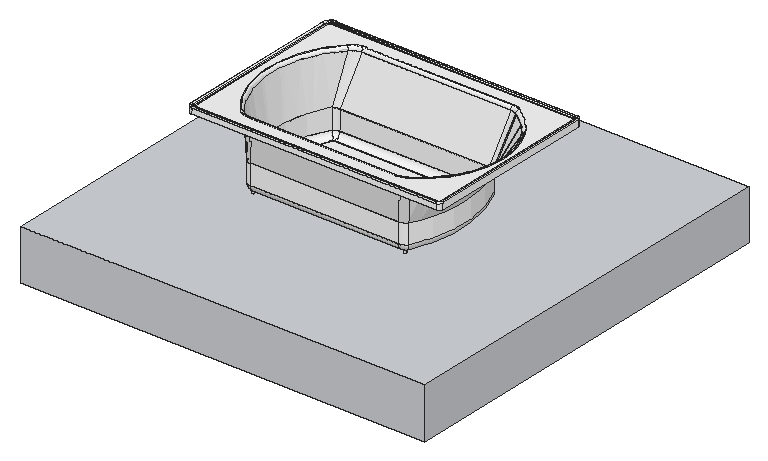
Revit family
Parameters (values of type "Vitreous_China-0-White")
  Width = 5' - 0"
  Waste Connection = yes
  WFU = 0
  URL = "http://www.sterlingplumbing.com"
  Sanitary Radius = 1"
  Sanitary Diameter = Sanitary Radius * 2  # 2"
  Sanitary Connector = "Sanitary Connection"  # constant formula
  Product Page URL = "http://search.sterlingplumbing.com/?q=71281100"
  Product Documentation Link = "http://www.sterlingplumbing.com/onlinecatalog/pdf/1105587_4.pdf"
  Model = "71281100"  # constant formula
  Manufacturer = "Sterling"  # constant formula
  Length = 3' - 6"
  Height = 1' - 8 5/16"
  Finish = Vitreous China-Kohler-0-White
  Description = "Lawson 42inch Drop-In Bath"  # constant formula
  Default Elevation = 0' - 0"
  Created By = "http://medialab3dstudio.com"
  Assembly Code = "D2010510"
Types (4): name | Finish
  (no name) | Vitreous China-Kohler-0-White
  Vitreous_China-0-White | Vitreous China-Kohler-0-White
  Vitreous_China-47-Almond | Vitreous China-Kohler-47-Almond
  Vitreous_China-96-Biscuit | Vitreous China-Kohler-96-Biscuit
Reference planes
  plane 1 "Center (Front/Back)": y = 0
  plane 2 "Bottom": z = 0
  plane 3 "Center (Left/Right)": x = 0
  plane 4: x = -539.778
  plane 5 "Left": x = -762
  plane 6 "Right": x = 762
  plane 7 "Top": z = 515.938
  plane 8: y = 533.4
  plane 9: y = -533.4
Forms (mm)
  Extrusion 1, solid
    sketch origin (0, 0, 0) x (1, 0, 0) y (0, 1, 0)
      loop
        line (-1219.2, 1219.2) -> (-1219.2, -1219.2) -> (1219.2, -1219.2) -> (1219.2, 1219.2) -> (-1219.2, 1219.2)
    from 0 to -304.8
  Sweep 2, solid, material "Vitreous China-Kohler-0-White" <- "Finish", detail levels fine
    path origin (0, 0, 0) x (1, 0, 0) y (0, 1, 0)
      loop
        arc (-748.273, -505.501) -> (-742.436, -515.446) -> (-731.706, -519.673) r 17.669
        line (-731.706, -519.673) -> (740.065, -519.673)
        arc (740.065, -519.673) -> (745.506, -515.686) -> (748.273, -509.534) r 13.226
        line (748.273, -509.534) -> (748.273, 510.272)
        arc (748.273, 510.272) -> (743.903, 517.268) -> (736.119, 519.999) r 12.453
        line (736.119, 519.999) -> (-728.609, 519.672)
        arc (-728.609, 519.672) -> (-746.22, 503.187) -> (-748.273, 479.152) r 33.65
        line (-748.273, 479.152) -> (-748.273, -505.501)
    profile origin (-748.273, -13.174, 0) x (-1, 0, 0) y (0, 0, 1)
      loop
        line (13.727, 476.168) -> (12.817, 511.52)
        arc (12.817, 511.52) -> (11.505, 514.686) -> (8.339, 515.998) r 4.478
        arc (8.339, 515.998) -> (4.696, 514.953) -> (2.16, 512.137) r 6.874
        arc (2.16, 512.137) -> (-0.612, 509.112) -> (-4.585, 508.084) r 7.224
        line (-4.585, 508.084) -> (-7.464, 508.084) -> (-7.464, 476.168) -> (13.727, 476.168)
  Extrusion 3, solid, material "Vitreous China-Kohler-0-White" <- "Finish", detail levels fine
    sketch origin (0, 0, 0) x (1, 0, 0) y (0, 1, 0)
      loop
        arc (-740.489, -509.265) -> (-739.333, -511.052) -> (-737.546, -512.209) r 5.082
        line (-737.546, -512.209) -> (737.593, -512.209)
        arc (737.593, -512.209) -> (739.362, -511.081) -> (740.489, -509.312) r 4.857
        line (740.489, -509.312) -> (740.489, 509.286)
        arc (740.489, 509.286) -> (738.66, 511.643) -> (735.813, 512.535) r 4.989
        line (735.813, 512.535) -> (-737.584, 512.206)
        arc (-737.584, 512.206) -> (-739.356, 511.073) -> (-740.489, 509.301) r 4.896
        line (-740.489, 509.301) -> (-740.489, -509.265)
      loop
        arc (-544.637, -403.273) -> (-511.987, -427.06) -> (-472.478, -435.476) r 96.947
        line (-472.478, -435.476) -> (429.125, -435.476)
        arc (429.125, -435.476) -> (455.763, -429.161) -> (480.478, -417.388) r 129.509
        arc (480.478, -417.388) -> (714.481, 0.784) -> (480.478, 418.956) r 490.645
        arc (480.478, 418.956) -> (456.245, 431.916) -> (429.132, 436.395) r 84.308
        line (429.132, 436.395) -> (-470.013, 436.395)
        arc (-470.013, 436.395) -> (-510.985, 424.728) -> (-544.637, 398.607) r 112.015
        arc (-544.637, 398.607) -> (-695.42, -2.333) -> (-544.637, -403.273) r 608.453
    from 476.168 to 508.084
  Sweep 4, solid, material "Vitreous China-Kohler-0-White" <- "Finish", detail levels fine
    path origin (0, 0, 0) x (1, 0, 0) y (0, 1, 0)
      loop
        arc (480.478, 418.956) -> (456.245, 431.916) -> (429.132, 436.395) r 84.308
        line (429.132, 436.395) -> (-470.013, 436.395)
        arc (-470.013, 436.395) -> (-510.985, 424.728) -> (-544.637, 398.607) r 112.015
        arc (-544.637, 398.607) -> (-695.42, -2.333) -> (-544.637, -403.273) r 608.453
        arc (-544.637, -403.273) -> (-511.987, -427.06) -> (-472.478, -435.476) r 96.947
        line (-472.478, -435.476) -> (429.125, -435.476)
        arc (429.125, -435.476) -> (455.763, -429.161) -> (480.478, -417.388) r 129.509
        arc (480.478, -417.388) -> (714.481, 0.784) -> (480.478, 418.956) r 490.645
    profile origin (714.481, 0.784, 0) x (1, 0, 0) y (0, 0, 1)
      loop
        arc (0, 508.084) -> (-12.224, 500.351) -> (-17.717, 486.97) r 23.815
        line (-17.717, 486.97) -> (-14.53, 486.97)
        arc (-14.53, 486.97) -> (-9.975, 498.088) -> (0, 504.785) r 20.64
        line (0, 504.785) -> (0, 508.084)
  Blend 5, solid, material "Vitreous China-Kohler-0-White" <- "Finish", detail levels fine
    base sketch origin (0, 0, 0) x (1, 0, 0) y (0, 1, 0)
      loop
        arc (-535.929, 338.416) -> (-557.459, 333.54) -> (-576.164, 321.815) r 65.779
        arc (-576.164, 321.815) -> (-659.773, 3.296) -> (-576.427, -315.293) r 649.548
        arc (-576.427, -315.293) -> (-559.175, -332.93) -> (-535.411, -339.558) r 47.59
        line (-535.411, -339.558) -> (359.189, -339.558)
        arc (359.189, -339.558) -> (384.114, -333.317) -> (404.859, -318.157) r 67.027
        arc (404.859, -318.157) -> (480.127, 0.382) -> (404.85, 318.919) r 711.629
        arc (404.85, 318.919) -> (384.186, 333.335) -> (359.508, 338.416) r 62.47
        line (359.508, 338.416) -> (-535.929, 338.416)
    top sketch origin (0, 0, 0) x (1, 0, 0) y (0, 1, 0)
      loop
        line (429.132, 421.865) -> (-469.366, 421.865)
        arc (-469.366, 421.865) -> (-504.69, 411.628) -> (-533.708, 389.033) r 97.485
        arc (-533.708, 389.033) -> (-680.89, -2.289) -> (-533.767, -393.632) r 593.923
        arc (-533.767, -393.632) -> (-506.028, -413.809) -> (-472.478, -420.946) r 82.417
        line (-472.478, -420.946) -> (428.174, -420.946)
        arc (428.174, -420.946) -> (451.357, -415.307) -> (472.878, -405.004) r 114.979
        arc (472.878, -405.004) -> (699.951, 1.179) -> (472.205, 406.984) r 476.115
        arc (472.205, 406.984) -> (451.917, 418.04) -> (429.132, 421.865) r 69.778
    from 194.797 to 486.97
  Extrusion 6, solid, material "Vitreous China-Kohler-0-White" <- "Finish", detail levels fine
    sketch origin (0, 0, 0) x (1, 0, 0) y (0, 1, 0)
      loop
        line (359.508, 335.241) -> (-535.842, 335.241)
        arc (-535.842, 335.241) -> (-556.046, 330.688) -> (-573.659, 319.792) r 62.604
        arc (-573.659, 319.792) -> (-656.598, 3.028) -> (-573.659, -313.737) r 646.373
        arc (-573.659, -313.737) -> (-557.565, -330.193) -> (-535.395, -336.383) r 44.415
        line (-535.395, -336.383) -> (359.105, -336.383)
        arc (359.105, -336.383) -> (382.601, -330.519) -> (402.224, -316.327) r 63.852
        arc (402.224, -316.327) -> (476.952, 0.372) -> (402.224, 317.072) r 708.454
        arc (402.224, 317.072) -> (382.718, 330.51) -> (359.508, 335.241) r 59.295
      loop
        line (359.508, 338.416) -> (-535.929, 338.416)
        arc (-535.929, 338.416) -> (-557.459, 333.54) -> (-576.164, 321.815) r 65.779
        arc (-576.164, 321.815) -> (-659.773, 3.296) -> (-576.427, -315.293) r 649.548
        arc (-576.427, -315.293) -> (-559.175, -332.93) -> (-535.411, -339.558) r 47.59
        line (-535.411, -339.558) -> (359.189, -339.558)
        arc (359.189, -339.558) -> (384.114, -333.317) -> (404.859, -318.157) r 67.027
        arc (404.859, -318.157) -> (480.127, 0.382) -> (404.85, 318.919) r 711.629
        arc (404.85, 318.919) -> (384.186, 333.335) -> (359.508, 338.416) r 62.47
    from 74.782 to 194.797
  Sweep 7, solid, material "Vitreous China-Kohler-0-White" <- "Finish", detail levels fine
    path origin (0, 0, 0) x (1, 0, 0) y (0, 1, 0)
      loop
        arc (-573.659, -313.737) -> (-557.565, -330.193) -> (-535.395, -336.383) r 44.415
        line (-535.395, -336.383) -> (359.105, -336.383)
        arc (359.105, -336.383) -> (382.601, -330.519) -> (402.224, -316.327) r 63.852
        arc (402.224, -316.327) -> (476.952, 0.372) -> (402.224, 317.072) r 708.454
        arc (402.224, 317.072) -> (382.718, 330.51) -> (359.508, 335.241) r 59.295
        line (359.508, 335.241) -> (-535.842, 335.241)
        arc (-535.842, 335.241) -> (-556.046, 330.688) -> (-573.659, 319.792) r 62.604
        arc (-573.659, 319.792) -> (-656.598, 3.028) -> (-573.659, -313.737) r 646.373
    profile origin (-656.598, 3.028, 0) x (-1, 0, 0) y (0, 0, 1)
      loop
        line (-39.015, 35.767) -> (-39.015, 32.592)
        arc (-39.015, 32.592) -> (-9.182, 44.949) -> (3.175, 74.782) r 42.19
        line (3.175, 74.782) -> (0, 74.782)
        arc (0, 74.782) -> (-11.427, 47.194) -> (-39.015, 35.767) r 39.015
  Extrusion 8, solid, material "Vitreous China-Kohler-0-White" <- "Finish", detail levels fine
    sketch origin (0, 0, 0) x (1, 0, 0) y (0, 1, 0)
      loop
        circle (-539.778, 0) r 50.8
      loop
        line (359.508, 296.226) -> (-534.5, 296.226)
        arc (-534.5, 296.226) -> (-539.214, 295.308) -> (-543.644, 293.454) r 23.589
        arc (-543.644, 293.454) -> (-617.569, -1.097) -> (-539.651, -294.617) r 607.358
        arc (-539.651, -294.617) -> (-537.738, -296.591) -> (-535.101, -297.368) r 5.399
        line (-535.101, -297.368) -> (357.812, -297.368)
        arc (357.812, -297.368) -> (364.446, -295.859) -> (370.422, -292.607) r 24.837
        arc (370.422, -292.607) -> (437.937, 0.119) -> (370.643, 292.896) r 669.439
        arc (370.643, 292.896) -> (365.319, 295.376) -> (359.508, 296.226) r 20.28
    from 32.592 to 35.767
  Revolve 9, solid, material "Vitreous China-Kohler-0-White" <- "Finish", detail levels fine
    sketch origin (-0.053, 0, 8.693) x (1, 0, 0) y (0, 0, 1)
      loop
        line (-574.967, 13.995) -> (-571.528, 13.995)
        arc (-571.528, 13.995) -> (-578.617, 23.265) -> (-589.647, 27.077) r 20.229
        line (-589.647, 27.077) -> (-592.591, 27.077) -> (-592.591, 23.899) -> (-589.647, 23.899)
        arc (-589.647, 23.899) -> (-580.921, 21.002) -> (-574.967, 13.995) r 17.054
      axis (-539.725, 13.995) -> (-539.725, 27.077)
    angle from 0 to 360
  Blend 10, solid, material "Vitreous China-Kohler-0-White" <- "Finish", detail levels fine
    base sketch origin (0.445, -50.675, 0) x (1, 0, 0) y (0, 1, 0)
      loop
        circle (-565, -228.6) r 7.577
    top sketch origin (0.445, -50.675, 0) x (1, 0, 0) y (0, 1, 0)
      loop
        circle (-565, -228.6) r 12.7
    from 0 to 32.592
  Blend 11, solid, material "Vitreous China-Kohler-0-White" <- "Finish", detail levels fine
    base sketch origin (914.936, -50.819, 0) x (1, 0, 0) y (0, 1, 0)
      loop
        circle (-565, -228.6) r 7.577
    top sketch origin (914.936, -50.819, 0) x (1, 0, 0) y (0, 1, 0)
      loop
        circle (-565, -228.6) r 12.7
    from 0 to 32.592
  Blend 12, solid, material "Vitreous China-Kohler-0-White" <- "Finish", detail levels fine
    base sketch origin (914.936, 509.045, 0) x (1, 0, 0) y (0, 1, 0)
      loop
        circle (-565, -228.6) r 7.577
    top sketch origin (914.936, 509.045, 0) x (1, 0, 0) y (0, 1, 0)
      loop
        circle (-565, -228.6) r 12.7
    from 0 to 32.592
  Blend 13, solid, material "Vitreous China-Kohler-0-White" <- "Finish", detail levels fine
    base sketch origin (-0.874, 51.95, 0) x (1, 0, 0) y (0, 1, 0)
      loop
        circle (-565, 228.6) r 7.577
    top sketch origin (-0.874, 51.95, 0) x (1, 0, 0) y (0, 1, 0)
      loop
        circle (-565, 228.6) r 12.7
    from 0 to 32.592
  Extrusion 14, solid, material "Vitreous China-Kohler-0-White" <- "Finish", not visible, detail levels fine
    sketch origin (0, 0, 0) x (1, 0, 0) y (0, 1, 0)
      loop
        circle (-546.181, 0) r 25.4
    from 24.659 to 22.688
  Extrusion 15, solid, material "Vitreous China-Kohler-0-White" <- "Finish", detail levels coarse+medium
    sketch origin (0, 0, 0) x (1, 0, 0) y (0, 1, 0)
      loop
        line (-762, 533.4) -> (-762, -533.4) -> (762, -533.4) -> (762, 533.4) -> (-762, 533.4)
    from 0 to 515.938
  Blend 16, void
    base sketch origin (0, 0, 0) x (1, 0, 0) y (0, 1, 0)
      loop
        arc (402.224, 317.072) -> (382.718, 330.51) -> (359.508, 335.241) r 59.295
        line (359.508, 335.241) -> (-535.842, 335.241)
        arc (-535.842, 335.241) -> (-556.046, 330.688) -> (-573.659, 319.792) r 62.604
        arc (-573.659, 319.792) -> (-656.598, 3.028) -> (-573.659, -313.737) r 646.373
        arc (-573.659, -313.737) -> (-557.565, -330.193) -> (-535.395, -336.383) r 44.415
        line (-535.395, -336.383) -> (359.105, -336.383)
        arc (359.105, -336.383) -> (382.601, -330.519) -> (402.224, -316.327) r 63.852
        arc (402.224, -316.327) -> (476.952, 0.372) -> (402.224, 317.072) r 708.454
    top sketch origin (0, 0, 0) x (1, 0, 0) y (0, 1, 0)
      loop
        arc (470.389, 404.373) -> (450.967, 415.009) -> (429.132, 418.69) r 66.603
        line (429.132, 418.69) -> (-469.218, 418.69)
        arc (-469.218, 418.69) -> (-503.312, 408.767) -> (-531.32, 386.94) r 94.31
        arc (-531.32, 386.94) -> (-677.715, -2.278) -> (-531.392, -391.524) r 590.748
        arc (-531.392, -391.524) -> (-504.726, -410.913) -> (-472.478, -417.771) r 79.242
        line (-472.478, -417.771) -> (427.958, -417.771)
        arc (427.958, -417.771) -> (450.391, -412.281) -> (471.217, -402.298) r 111.804
        arc (471.217, -402.298) -> (696.776, 1.27) -> (470.389, 404.373) r 472.94
    from 194.797 to 486.97
Cuts and joins
  joined: Sweep 4, Extrusion 6
  joined: Extrusion 8, Revolve 9
  Blend 16 cuts Blend 5
Lines and regions (mm)
  Masking region 1, detail levels coarse
    outline origin (0, 0, 0) x (1, 0, 0) y (0, 0, 1)
      loop
        line (-762, 515.938) -> (-762, 0) -> (762, 0) -> (762, 515.938) -> (-762, 515.938)
  Masking region 2, detail levels medium+fine
    outline origin (0, 0, 0) x (1, 0, 0) y (0, 0, 1)
      loop
        line (-678.607, 476.108) -> (-667.432, 194.797) -> (-667.432, 74.782)
        arc (-667.432, 74.782) -> (-655.074, 44.949) -> (-625.242, 32.592) r 42.19
        line (-625.242, 32.592) -> (-590.4, 32.592)
        arc (-590.4, 32.592) -> (-581.237, 29.928) -> (-575.02, 22.688) r 16.731
        line (-575.02, 22.688) -> (-569.415, 22.688) -> (-565.849, 0) -> (-550.694, 0) -> (-546.876, 22.688) -> (-504.535, 22.688)
        arc (-504.535, 22.688) -> (-498.709, 29.885) -> (-489.855, 32.592) r 15.832
        line (-489.855, 32.592) -> (365.382, 32.592) -> (370.504, 0) -> (385.659, 0) -> (390.886, 32.592) -> (435.532, 32.592)
        arc (435.532, 32.592) -> (465.365, 44.949) -> (477.722, 74.782) r 42.19
        line (477.722, 74.782) -> (477.722, 194.797) -> (687.901, 476.108) -> (761.681, 476.108) -> (760.77, 511.46)
        arc (760.77, 511.46) -> (759.459, 514.626) -> (756.293, 515.938) r 4.478
        line (756.293, 515.938) -> (-756.293, 515.938)
        arc (-756.293, 515.938) -> (-759.459, 514.626) -> (-760.77, 511.46) r 4.478
        line (-760.77, 511.46) -> (-761.681, 476.108) -> (-678.607, 476.108)
  Masking region 3, detail levels coarse
    outline origin (0, 0, 0) x (0, 1, 0) y (0, 0, 1)
      loop
        line (533.4, 515.937) -> (-533.4, 515.937) -> (-533.4, 0) -> (533.4, 0) -> (533.4, 515.937)
  Masking region 4, detail levels coarse
    outline origin (0, 0, 0) x (1, 0, 0) y (0, 1, 0)
      loop
        line (-762, 533.4) -> (-762, -533.4) -> (762, -533.4) -> (762, 533.4) -> (-762, 533.4)
  Masking region 5, detail levels medium+fine
    outline origin (0, 0, 0) x (1, 0, 0) y (0, 1, 0)
      loop
        line (-762, 477.376) -> (-762, -506.67)
        arc (-762, -506.67) -> (-751.82, -525.476) -> (-731.958, -533.4) r 31.397
        line (-731.958, -533.4) -> (742.197, -533.4)
        arc (742.197, -533.4) -> (755.626, -524.98) -> (762, -510.468) r 26.953
        line (762, -510.468) -> (762, 511.512)
        arc (762, 511.512) -> (753.172, 527.413) -> (736.116, 533.726) r 26.18
        line (736.116, 533.726) -> (-731.056, 533.399)
        arc (-731.056, 533.399) -> (-757.418, 511.402) -> (-762, 477.376) r 47.378
  Masking region 6, detail levels medium+fine
    outline origin (0, 0, 0) x (0, 1, 0) y (0, 0, 1)
      loop
        arc (532.489, 511.511) -> (531.408, 514.428) -> (528.687, 515.937) r 4.478
        line (528.687, 515.937) -> (-528.745, 515.937)
        arc (-528.745, 515.937) -> (-531.428, 514.415) -> (-532.49, 511.52) r 4.478
        line (-532.49, 511.52) -> (-533.4, 476.168) -> (-417.937, 476.168) -> (-339.558, 194.797) -> (-339.558, 74.782)
        arc (-339.558, 74.782) -> (-327.201, 44.949) -> (-297.368, 32.592) r 42.19
        line (-297.368, 32.592) -> (-292.159, 32.592) -> (-286.997, 0) -> (-271.737, 0) -> (-266.575, 32.592) -> (-233.794, 32.592) -> (-228.632, 0) -> (-212.682, 0) -> (-207.52, 32.592) -> (-49.923, 32.592)
        arc (-49.923, 32.592) -> (-41.068, 29.885) -> (-35.242, 22.688) r 15.832
        line (-35.242, 22.688) -> (35.242, 22.688)
        arc (35.242, 22.688) -> (41.068, 29.885) -> (49.923, 32.592) r 15.832
        line (49.923, 32.592) -> (207.507, 32.592) -> (212.669, 0) -> (232.857, 0) -> (238.076, 32.592) -> (267.835, 32.592) -> (272.997, 0) -> (288.292, 0) -> (293.454, 32.592) -> (296.226, 32.592)
        arc (296.226, 32.592) -> (326.059, 44.949) -> (338.416, 74.782) r 42.19
        line (338.416, 74.782) -> (338.416, 194.797) -> (418.78, 476.168) -> (533.399, 476.168) -> (532.489, 511.511)
  symbolic lines, style "Masking Lines", detail levels fine
    curve 1: line (-761.681, 0, 476.108) -> (761.681, 0, 476.108)
    curve 2: line (-625.242, 0, 32.592) -> (435.532, 0, 32.592)
    curve 3: line (-570.972, 0, 32.592) -> (-565.849, 0, 0)
    curve 4: line (-545.572, 0, 32.592) -> (-550.694, 0, 0)
    curve 5: line (0, -239.502, 32.592) -> (0, 238.732, 32.592)
    curve 6: line (0, -406.435, 476.168) -> (0, 406.764, 476.168)
    curve 7: line (-470.013, 436.395, 0) -> (429.132, 436.395, 0)
    curve 8: arc (429.132, 436.395, 0) -> (456.245, 431.916, 0) -> (480.478, 418.956, 0) r 84.308
    curve 9: arc (480.478, 418.956, 0) -> (714.481, 0.784, 0) -> (480.478, -417.388, 0) r 490.645
    curve 10: arc (480.478, -417.388, 0) -> (455.763, -429.161, 0) -> (429.125, -435.476, 0) r 129.509
    curve 11: line (429.125, -435.476, 0) -> (-472.478, -435.476, 0)
    curve 12: arc (-472.478, -435.476, 0) -> (-511.987, -427.06, 0) -> (-544.637, -403.273, 0) r 96.947
    curve 13: arc (-544.637, -403.273, 0) -> (-695.42, -2.333, 0) -> (-544.637, 398.607, 0) r 608.453
    curve 14: arc (-544.637, 398.607, 0) -> (-510.985, 424.728, 0) -> (-470.013, 436.395, 0) r 112.015
    curve 15: arc (-727.679, 515.088, 0) -> (-742.411, 500.511, 0) -> (-743.688, 479.825, 0) r 29.066
    curve 16: line (-743.688, 479.825, 0) -> (-743.688, -505.01, 0)
    curve 17: arc (-743.688, -505.01, 0) -> (-739.329, -512.069, 0) -> (-731.6, -515.088, 0) r 13.085
    curve 18: line (-731.6, -515.088, 0) -> (739.1, -515.088, 0)
    curve 19: arc (739.1, -515.088, 0) -> (742.079, -512.628, 0) -> (743.688, -509.115, 0) r 8.641
    curve 20: line (743.688, -509.115, 0) -> (743.688, 509.705, 0)
    curve 21: arc (743.688, 509.705, 0) -> (740.86, 513.827, 0) -> (736.12, 515.414, 0) r 7.868
    curve 22: line (736.12, 515.414, 0) -> (-727.679, 515.088, 0)
    curve 23: arc (470.389, 404.373, 0) -> (696.776, 1.27, 0) -> (471.217, -402.298, 0) r 472.94
    curve 24: arc (471.217, -402.298, 0) -> (450.391, -412.281, 0) -> (427.958, -417.771, 0) r 111.804
    curve 25: line (427.958, -417.771, 0) -> (-472.478, -417.771, 0)
    curve 26: arc (-472.478, -417.771, 0) -> (-504.726, -410.913, 0) -> (-531.392, -391.524, 0) r 79.242
    curve 27: arc (-531.392, -391.524, 0) -> (-677.715, -2.278, 0) -> (-531.32, 386.94, 0) r 590.748
    curve 28: arc (-531.32, 386.94, 0) -> (-503.312, 408.767, 0) -> (-469.218, 418.69, 0) r 94.31
    curve 29: line (-469.218, 418.69, 0) -> (429.132, 418.69, 0)
    curve 30: arc (429.132, 418.69, 0) -> (450.967, 415.009, 0) -> (470.389, 404.373, 0) r 66.603
    curve 31: arc (359.508, 335.241, 0) -> (382.718, 330.51, 0) -> (402.224, 317.072, 0) r 59.295
    curve 32: arc (402.224, 317.072, 0) -> (476.952, 0.372, 0) -> (402.224, -316.327, 0) r 708.454
    curve 33: arc (402.224, -316.327, 0) -> (382.601, -330.519, 0) -> (359.105, -336.383, 0) r 63.852
    curve 34: line (359.105, -336.383, 0) -> (-535.395, -336.383, 0)
    curve 35: arc (-535.395, -336.383, 0) -> (-557.565, -330.193, 0) -> (-573.659, -313.737, 0) r 44.415
    curve 36: arc (-573.659, -313.737, 0) -> (-656.598, 3.028, 0) -> (-573.659, 319.792, 0) r 646.373
    curve 37: arc (-573.659, 319.792, 0) -> (-556.046, 330.688, 0) -> (-535.842, 335.241, 0) r 62.604
    curve 38: line (-535.842, 335.241, 0) -> (359.508, 335.241, 0)
    curve 39: line (359.508, 296.226, 0) -> (-534.5, 296.226, 0)
    curve 40: arc (370.643, 292.896, 0) -> (365.319, 295.376, 0) -> (359.508, 296.226, 0) r 20.28
    curve 41: arc (370.422, -292.607, 0) -> (437.937, 0.119, 0) -> (370.643, 292.896, 0) r 669.439
    curve 42: arc (357.812, -297.368, 0) -> (364.446, -295.859, 0) -> (370.422, -292.607, 0) r 24.837
    curve 43: line (-535.101, -297.368, 0) -> (357.812, -297.368, 0)
    curve 44: arc (-539.651, -294.617, 0) -> (-537.738, -296.591, 0) -> (-535.101, -297.368, 0) r 5.399
    curve 45: arc (-543.644, 293.454, 0) -> (-617.569, -1.097, 0) -> (-539.651, -294.617, 0) r 607.358
    curve 46: arc (-534.5, 296.226, 0) -> (-539.214, 295.308, 0) -> (-543.644, 293.454, 0) r 23.589
    curve 47: arc (-489.855, 0, 0) -> (-539.778, 49.923, 0) -> (-589.7, 0, 0) r 49.923
    curve 48: arc (-589.7, 0, 0) -> (-539.778, -49.923, 0) -> (-489.855, 0, 0) r 49.923
    curve 49: arc (-571.581, 0, 0) -> (-539.831, -31.75, 0) -> (-508.081, 0, 0) r 31.75
    curve 50: arc (-508.081, 0, 0) -> (-539.831, 31.75, 0) -> (-571.581, 0, 0) r 31.75
    curve 51: line (0, 293.454, 32.592) -> (0, -294.617, 32.592)
    curve 52: line (0, 418.956, 476.168) -> (0, -417.937, 476.168)
Dimensions and locks
  "Width": plane 5 "Left" to plane 6 "Right"
  "Height": plane 7 "Top" to plane 2 "Bottom"
  "Length": plane 8 to plane 9
  equal spacing: plane 8, plane 1 "Center (Front/Back)", plane 9
  "Sanitary Radius": radius of Extrusion 14 sketch curve
  aligned and locked: plane 2 "Bottom" to Extrusion 1
  aligned and locked: level to Extrusion 1
  aligned and locked: Extrusion 15 to plane 9
  aligned and locked: plane 8 to Extrusion 15
  aligned and locked: Extrusion 15 to plane 6 "Right"
  aligned and locked: plane 5 "Left" to Extrusion 15
Automatic sketch dimensions
  curve 3 to level = 0' - 0"
  curve 4 to level = 0' - 0"
  curve 1 to plane 5 "Left" = 0' - 0.01257"
  level to curve 2 = 0' - 1.28315"
  curve 2 to plane 5 "Left" = 0' - 5.38419"
  curve 2 to curve 3 = 0' - 2.1366"
  curve 3 to curve 3 = 0' - 0.20168"
  curve 3 to curve 4 = 0' - 0.59665"
  curve 3 to curve 4 = 0' - 1"
  plane 6 "Right" to curve 2 = 1' - 0.85306"
  plane 6 "Right" to curve 1 = 0' - 0.01257"
  curve 1 to plane 7 "Top" = 0' - 1.56808"
  Extrusion 1 sketch curve to Extrusion 1 sketch curve = 8' - 0"  (x2)
  Sweep 2 sketch curve to plane 5 "Left" = 0' - 0.54044"
  plane 9 to Sweep 2 sketch curve = 0' - 0.54044"
  Sweep 2 sketch curve to Sweep 2 sketch curve = 0' - 0.65224"
  Sweep 2 sketch curve to Sweep 2 sketch curve = 0' - 0.02977"
  Sweep 2 sketch curve to plane 8 = 0' - 0.54046"
  Sweep 2 sketch curve to plane 5 "Left" = 0' - 1.3146"
  Sweep 2 sketch curve to Sweep 2 sketch curve = 0' - 0.49856"
  plane 6 "Right" to Sweep 2 sketch curve = 0' - 1.05408"
  Sweep 2 sketch curve to plane 8 = 0' - 0.52761"
  plane 6 "Right" to Sweep 2 sketch curve = 0' - 1.01893"
  Sweep 2 sketch curve to Sweep 2 sketch curve = 0' - 0.00011"
  Sweep 2 sketch curve to Sweep 2 sketch curve = 0' - 0.19049"
  Sweep 2 sketch curve to Sweep 2 sketch curve = 0' - 0.32314"
  Sweep 2 sketch curve to Sweep 2 sketch curve = 0' - 0.39915"
  Sweep 2 sketch curve to Sweep 2 sketch curve = 0' - 0.55795"
  Sweep 2 sketch curve to Sweep 2 sketch curve = 0' - 1.5953"
  Sweep 2 sketch curve to Sweep 2 sketch curve = 0' - 0.49027"
  profile plane to Sweep 2 sketch curve = 0' - 0.29386"
  Sweep 2 sketch curve to Sweep 2 sketch curve = 0' - 0.11335"
  profile plane to Sweep 2 sketch curve = 0' - 0.17058"
  Sweep 2 sketch curve to profile plane = 0' - 0.08506"
  Sweep 2 sketch curve to Sweep 2 sketch curve = 0' - 0"
  Sweep 2 sketch curve to Sweep 2 sketch curve = 0' - 0.24325"
  Sweep 2 sketch curve to Sweep 2 sketch curve = 0' - 0.17631"
  Sweep 2 sketch curve to profile plane = 0' - 0.54044"
  level to Sweep 2 sketch curve = 1' - 6.74679"
  Sweep 2 sketch curve to Sweep 2 sketch curve = 0' - 1.25653"
  Sweep 2 sketch curve to Sweep 2 sketch curve = 0' - 0.04093"
  Sweep 2 sketch curve to Sweep 2 sketch curve = 0' - 0.09433"
  Extrusion 3 sketch curve to plane 5 "Left" = 0' - 0.84687"
  Extrusion 3 sketch curve to Extrusion 3 sketch curve = 0' - 0.11438"
  Extrusion 3 sketch curve to Extrusion 3 sketch curve = 0' - 0.1159"
  Extrusion 3 sketch curve to Extrusion 3 sketch curve = 0' - 0.06653"
  Extrusion 3 sketch curve to Extrusion 3 sketch curve = 0' - 0.07111"  (x2)
  Extrusion 3 sketch curve to plane 5 "Left" = 0' - 8.55759"  (x2)
  Extrusion 3 sketch curve to Extrusion 3 sketch curve = 0' - 0"  (x2)
  Extrusion 3 sketch curve to Extrusion 3 sketch curve = 0' - 2.84092"
  Extrusion 3 sketch curve to Extrusion 3 sketch curve = 0' - 2.93795"
  Extrusion 3 sketch curve to Extrusion 3 sketch curve = 0' - 0.37923"
  plane 1 "Center (Front/Back)" to Extrusion 3 sketch curve = 0' - 0.09185"
  Extrusion 3 sketch curve to plane 3 "Center (Left/Right)" = 0' - 3.4239"
  Extrusion 3 sketch curve to plane 1 "Center (Front/Back)" = 0' - 0.03087"
  plane 3 "Center (Left/Right)" to Extrusion 3 sketch curve = 0' - 8.81245"
  plane 9 to Extrusion 3 sketch curve = 0' - 8.91305"
  Extrusion 3 sketch curve to Extrusion 3 sketch curve = 0' - 7.43698"
  Extrusion 3 sketch curve to Extrusion 3 sketch curve = 0' - 0.64523"
  plane 6 "Right" to Extrusion 3 sketch curve = 1' - 1.10503"
  Extrusion 3 sketch curve to Extrusion 3 sketch curve = 0' - 2.02178"
  Extrusion 3 sketch curve to Extrusion 3 sketch curve = 0' - 2.02148"
  plane 6 "Right" to Extrusion 3 sketch curve = 0' - 1.03099"
  Extrusion 3 sketch curve to Extrusion 3 sketch curve = 0' - 0.00004"
  plane 6 "Right" to Extrusion 3 sketch curve = 0' - 1.0265"
  Extrusion 3 sketch curve to Extrusion 3 sketch curve = 0' - 0.0656"
  Extrusion 3 sketch curve to Extrusion 3 sketch curve = 0' - 0.11403"
  plane 9 to Extrusion 3 sketch curve = 0' - 1.0213"
  plane 9 to Extrusion 3 sketch curve = 0' - 1.01393"
  Extrusion 3 sketch curve to Extrusion 3 sketch curve = 0' - 1.26784"
  Extrusion 3 sketch curve to plane 8 = 0' - 1.01789"
  Extrusion 3 sketch curve to plane 8 = 0' - 1.01531"
  Extrusion 3 sketch curve to Extrusion 3 sketch curve = 0' - 0.06853"
  Extrusion 3 sketch curve to Extrusion 3 sketch curve = 0' - 0.06655"
  Sweep 4 sketch curve to plane 8 = 0' - 5.3068"
  Sweep 4 sketch curve to plane 5 "Left" = 0' - 8.55759"  (x2)
  plane 9 to Sweep 4 sketch curve = 0' - 5.12309"
  Sweep 4 sketch curve to Sweep 4 sketch curve = 0' - 0"  (x4)
  Sweep 4 sketch curve to Sweep 4 sketch curve = 0' - 2.84092"
  Sweep 4 sketch curve to Sweep 4 sketch curve = 0' - 2.93795"
  Sweep 4 sketch curve to Sweep 4 sketch curve = 0' - 0.37923"
  Sweep 4 sketch curve to plane 3 "Center (Left/Right)" = 0' - 3.4239"
  Sweep 4 sketch curve to plane 1 "Center (Front/Back)" = 0' - 0.03087"
  plane 3 "Center (Left/Right)" to Sweep 4 sketch curve = 0' - 8.81245"
  plane 9 to Sweep 4 sketch curve = 0' - 8.91305"
  Sweep 4 sketch curve to Sweep 4 sketch curve = 0' - 7.43698"
  Sweep 4 sketch curve to Sweep 4 sketch curve = 0' - 0.64523"
  plane 6 "Right" to Sweep 4 sketch curve = 1' - 1.10503"
  Sweep 4 sketch curve to Sweep 4 sketch curve = 0' - 2.02178"
  Sweep 4 sketch curve to Sweep 4 sketch curve = 0' - 2.02148"
  profile plane to Sweep 4 sketch curve = 0' - 0"
  profile plane to Sweep 4 sketch curve = 0' - 0.57205"
  Sweep 4 sketch curve to Sweep 4 sketch curve = 0' - 0.12548"
  Sweep 4 sketch curve to profile plane = 0' - 0.23701"
  level to Sweep 4 sketch curve = 1' - 7.09616"
  Sweep 4 sketch curve to Sweep 4 sketch curve = 0' - 0.07588"
  Blend 5 sketch curve to plane 5 "Left" = 0' - 7.30602"
  Blend 5 sketch curve to Blend 5 sketch curve = 0' - 0"  (x3)
  Blend 5 sketch curve to plane 5 "Left" = 0' - 7.31637"
  Blend 5 sketch curve to Blend 5 sketch curve = 0' - 1.58408"
  Blend 5 sketch curve to Blend 5 sketch curve = 0' - 1.61482"
  Blend 5 sketch curve to Blend 5 sketch curve = 0' - 1.6332"
  Blend 5 sketch curve to Blend 5 sketch curve = 0' - 0.14008"
  Blend 5 sketch curve to plane 1 "Center (Front/Back)" = 0' - 0.01466"
  Blend 5 sketch curve to plane 3 "Center (Left/Right)" = 0' - 9.11424"
  Blend 5 sketch curve to plane 1 "Center (Front/Back)" = 0' - 0.1192"
  Blend 5 sketch curve to plane 3 "Center (Left/Right)" = 0' - 0.40257"
  plane 3 "Center (Left/Right)" to Blend 5 sketch curve = 1' - 2.00284"
  Blend 5 sketch curve to Blend 5 sketch curve = 0' - 0.13847"
  Blend 5 sketch curve to plane 8 = 0' - 10.13598"
  plane 3 "Center (Left/Right)" to Blend 5 sketch curve = 1' - 2.15387"
  Blend 5 sketch curve to Blend 5 sketch curve = 0' - 1.78511"
  Blend 5 sketch curve to Blend 5 sketch curve = 0' - 1.79802"
  plane 9 to Blend 5 sketch curve = 0' - 10.26681"
  plane 1 "Center (Front/Back)" to Blend 5 sketch curve = 0' - 11.49491"
  Blend 5 sketch curve to plane 5 "Left" = 0' - 8.98557"
  Blend 5 sketch curve to plane 5 "Left" = 0' - 8.98788"
  Blend 5 sketch curve to Blend 5 sketch curve = 0' - 2.41294"
  Blend 5 sketch curve to Blend 5 sketch curve = 0' - 2.53316"
  Blend 5 sketch curve to Blend 5 sketch curve = 0' - 0.35373"
  plane 1 "Center (Front/Back)" to Blend 5 sketch curve = 0' - 0.09185"
  Blend 5 sketch curve to plane 3 "Center (Left/Right)" = 0' - 3.4239"
  Blend 5 sketch curve to plane 1 "Center (Front/Back)" = 0' - 0.03087"
  plane 3 "Center (Left/Right)" to Blend 5 sketch curve = 0' - 8.81245"
  plane 9 to Blend 5 sketch curve = 0' - 8.91305"
  Blend 5 sketch curve to Blend 5 sketch curve = 0' - 7.43698"
  Blend 5 sketch curve to Blend 5 sketch curve = 0' - 0.60781"
  Blend 5 sketch curve to plane 8 = 0' - 4.39115"
  plane 6 "Right" to Blend 5 sketch curve = 1' - 1.10503"
  Blend 5 sketch curve to Blend 5 sketch curve = 0' - 1.69576"
  Blend 5 sketch curve to Blend 5 sketch curve = 0' - 1.75999"
  Sweep 7 sketch curve to Sweep 7 sketch curve = 0' - 0"  (x3)
  Sweep 7 sketch curve to profile plane = 0' - 0"
  profile plane to Sweep 7 sketch curve = 0' - 1.53603"
  Sweep 7 sketch curve to Sweep 7 sketch curve = 0' - 0 1/8"
  level to Sweep 7 sketch curve = 0' - 1.28315"
  Revolve 9 sketch curve to Revolve 9 sketch curve = 0' - 0"  (x2)
  level to Revolve 9 sketch curve = 0' - 1.28315"
  Revolve 9 sketch curve to plane 5 "Left" = 0' - 6.66754"
  Revolve 9 sketch curve to Revolve 9 sketch curve = 0' - 0.08396"
  Revolve 9 sketch curve to Revolve 9 sketch curve = 0' - 0.11591"  (x2)
  Revolve 9 sketch curve to Revolve 9 sketch curve = 0' - 0.60991"
  Revolve 9 sketch curve to Revolve 9 sketch curve = 0' - 0.13539"
  level to Revolve 9 sketch curve = 0' - 0.50324"
  Revolve 9 sketch curve to Revolve 9 sketch curve = 0' - 1.25211"
  level to Revolve 9 sketch curve = 0' - 0.61249"
  Revolve 9 sketch curve to Revolve 9 sketch curve = 0' - 1.15798"
  Blend 10 sketch curve to plane 5 "Left" = 0' - 7.77339"  (x2)
  plane 1 "Center (Front/Back)" to Blend 10 sketch curve = 0' - 10.99507"  (x2)
  plane 3 "Center (Left/Right)" to Blend 11 sketch curve = 1' - 1.77699"  (x2)
  plane 1 "Center (Front/Back)" to Blend 11 sketch curve = 0' - 11.00076"  (x2)
  plane 3 "Center (Left/Right)" to Blend 12 sketch curve = 1' - 1.77699"  (x2)
  Blend 12 sketch curve to plane 1 "Center (Front/Back)" = 0' - 11.04113"  (x2)
  plane 5 "Left" to Blend 13 sketch curve = 0' - 7.72148"  (x2)
  plane 1 "Center (Front/Back)" to Blend 13 sketch curve = 0' - 11.0453"  (x2)
  plane 1 "Center (Front/Back)" to Extrusion 14 sketch curve = 0' - 0"
  Extrusion 14 sketch curve to plane 5 "Left" = 0' - 7.4968"
  Masking region 1 sketch curve to level = 0' - 0"
  plane 5 "Left" to Masking region 1 sketch curve = 0' - 0"
  plane 6 "Right" to Masking region 1 sketch curve = 0' - 0"
  Masking region 1 sketch curve to plane 7 "Top" = 0' - 0"
  Masking region 2 sketch curve to plane 7 "Top" = 0' - 0"
  Masking region 2 sketch curve to level = 0' - 0"  (x2)
  Masking region 2 sketch curve to plane 5 "Left" = 0' - 0.01257"
  Masking region 2 sketch curve to plane 5 "Left" = 0' - 0.04841"
  Masking region 2 sketch curve to plane 5 "Left" = 0' - 0.2247"
  Masking region 2 sketch curve to plane 7 "Top" = 0' - 1.56808"
  Masking region 2 sketch curve to Masking region 2 sketch curve = 0' - 3.27063"
  Masking region 2 sketch curve to plane 5 "Left" = 0' - 3.72316"
  Masking region 2 sketch curve to Masking region 2 sketch curve = 0' - 1.66103"  (x2)
  Masking region 2 sketch curve to Masking region 2 sketch curve = 0' - 1.37171"
  Masking region 2 sketch curve to Masking region 2 sketch curve = 0' - 0.00414"
  Masking region 2 sketch curve to Masking region 2 sketch curve = 0' - 0.60137"
  level to Masking region 2 sketch curve = 0' - 0.89324"
  Masking region 2 sketch curve to Masking region 2 sketch curve = 0' - 0.22066"
  Masking region 2 sketch curve to Masking region 2 sketch curve = 0' - 0.14039"
  Masking region 2 sketch curve to Masking region 2 sketch curve = 0' - 0.59665"  (x2)
  Masking region 2 sketch curve to Masking region 2 sketch curve = 0' - 0.88737"
  Masking region 2 sketch curve to Masking region 2 sketch curve = 0' - 1.66697"
  Masking region 2 sketch curve to Masking region 2 sketch curve = 0' - 0.57796"
  level to Masking region 2 sketch curve = 0' - 1.28315"  (x2)
  plane 3 "Center (Left/Right)" to Masking region 2 sketch curve = 1' - 2.3851"
  Masking region 2 sketch curve to Masking region 2 sketch curve = 0' - 0.20168"
  Masking region 2 sketch curve to Masking region 2 sketch curve = 0' - 1.00412"
  Masking region 2 sketch curve to Masking region 2 sketch curve = 0' - 1.75772"
  plane 6 "Right" to Masking region 2 sketch curve = 0' - 2.91727"
  plane 6 "Right" to Masking region 2 sketch curve = 0' - 0.2247"
  plane 6 "Right" to Masking region 2 sketch curve = 0' - 0.04841"
  plane 6 "Right" to Masking region 2 sketch curve = 0' - 0.01257"
  level to Masking region 2 sketch curve = 0' - 0.62446"
  Masking region 2 sketch curve to Masking region 2 sketch curve = 0' - 0.62331"
  Masking region 2 sketch curve to Masking region 2 sketch curve = 0' - 4.72501"  (x2)
  Masking region 2 sketch curve to Masking region 2 sketch curve = 0' - 1.39179"
  Masking region 3 sketch curve to plane 7 "Top" = 0' - 0"
  Masking region 3 sketch curve to level = 0' - 0"
  plane 9 to Masking region 3 sketch curve = 0' - 0"
  Masking region 3 sketch curve to plane 8 = 0' - 0"
  Extrusion 15 sketch curve to plane 5 "Left" = 0' - 0"
  Extrusion 15 sketch curve to plane 6 "Right" = 0' - 0"
  Extrusion 15 sketch curve to plane 9 = 0' - 0"
  Extrusion 15 sketch curve to plane 8 = 0' - 0"
  Blend 16 sketch curve to Blend 16 sketch curve = 0' - 0"  (x3)
  plane 9 to Blend 16 sketch curve = 0' - 5.58566"
  Blend 16 sketch curve to plane 5 "Left" = 0' - 9.07906"
  Blend 16 sketch curve to plane 8 = 0' - 5.76613"
  Blend 16 sketch curve to plane 5 "Left" = 0' - 9.08191"
  Blend 16 sketch curve to Blend 16 sketch curve = 0' - 2.31945"
  Blend 16 sketch curve to Blend 16 sketch curve = 0' - 2.44495"
  Blend 16 sketch curve to Blend 16 sketch curve = 0' - 0.34791"
  plane 1 "Center (Front/Back)" to Blend 16 sketch curve = 0' - 0.09185"
  Blend 16 sketch curve to plane 1 "Center (Front/Back)" = 0' - 0.03087"
  plane 3 "Center (Left/Right)" to Blend 16 sketch curve = 0' - 8.81245"
  plane 9 to Blend 16 sketch curve = 0' - 8.91305"
  Blend 16 sketch curve to Blend 16 sketch curve = 0' - 7.43698"
  Blend 16 sketch curve to Blend 16 sketch curve = 0' - 0.59932"
  plane 6 "Right" to Blend 16 sketch curve = 1' - 1.10503"
  Blend 16 sketch curve to Blend 16 sketch curve = 0' - 1.62427"
  Blend 16 sketch curve to Blend 16 sketch curve = 0' - 1.70309"
  Blend 16 sketch curve to plane 5 "Left" = 0' - 7.41498"  (x2)
  Blend 16 sketch curve to Blend 16 sketch curve = 0' - 1.48889"
  Blend 16 sketch curve to Blend 16 sketch curve = 0' - 1.50649"
  Blend 16 sketch curve to Blend 16 sketch curve = 0' - 1.52423"
  Blend 16 sketch curve to Blend 16 sketch curve = 0' - 0.13665"
  Blend 16 sketch curve to plane 1 "Center (Front/Back)" = 0' - 0.01466"
  Blend 16 sketch curve to plane 3 "Center (Left/Right)" = 0' - 9.11424"
  Blend 16 sketch curve to plane 1 "Center (Front/Back)" = 0' - 0.1192"
  Blend 16 sketch curve to plane 3 "Center (Left/Right)" = 0' - 0.40257"
  plane 3 "Center (Left/Right)" to Blend 16 sketch curve = 1' - 2.00284"
  Blend 16 sketch curve to Blend 16 sketch curve = 0' - 0.13514"
  Blend 16 sketch curve to plane 8 = 0' - 10.13598"
  plane 3 "Center (Left/Right)" to Blend 16 sketch curve = 1' - 2.15387"
  Blend 16 sketch curve to Blend 16 sketch curve = 0' - 1.68173"
  Blend 16 sketch curve to Blend 16 sketch curve = 0' - 1.69761"
  plane 1 "Center (Front/Back)" to Blend 16 sketch curve = 0' - 10.73319"
  plane 1 "Center (Front/Back)" to Blend 16 sketch curve = 0' - 11.49491"
  Extrusion 6 sketch curve to Extrusion 6 sketch curve = 0' - 0"  (x23)
  Extrusion 6 sketch curve to Extrusion 6 sketch curve = 0' - 1.48889"
  Extrusion 6 sketch curve to Extrusion 6 sketch curve = 0' - 1.50649"
  Extrusion 6 sketch curve to plane 1 "Center (Front/Back)" = 0' - 0.01466"
  Extrusion 6 sketch curve to plane 1 "Center (Front/Back)" = 0' - 0.1192"
  Extrusion 6 sketch curve to plane 3 "Center (Left/Right)" = 0' - 0.40257"
  Extrusion 6 sketch curve to Extrusion 6 sketch curve = 0' - 0.10896"
  Extrusion 6 sketch curve to Extrusion 6 sketch curve = 0' - 0.09861"
  Extrusion 6 sketch curve to Extrusion 6 sketch curve = 0' - 0.00342"
  Extrusion 6 sketch curve to Extrusion 6 sketch curve = 0' - 0.00062"
  Extrusion 6 sketch curve to Extrusion 6 sketch curve = 0' - 0.00332"
  Extrusion 6 sketch curve to Extrusion 6 sketch curve = 0' - 0.10338"
  Extrusion 6 sketch curve to Extrusion 6 sketch curve = 0' - 0.13514"
  Extrusion 6 sketch curve to Extrusion 6 sketch curve = 0' - 0.10373"
  Extrusion 6 sketch curve to Extrusion 6 sketch curve = 0' - 8.71166"
  Extrusion 6 sketch curve to plane 5 "Left" = 0' - 9.04053"
  Extrusion 6 sketch curve to plane 5 "Left" = 0' - 8.93922"
  Extrusion 6 sketch curve to Extrusion 6 sketch curve = 0' - 0.01775"
  Extrusion 6 sketch curve to Extrusion 6 sketch curve = 0' - 0.13665"
  plane 3 "Center (Left/Right)" to Extrusion 6 sketch curve = 1' - 2.00284"
  Extrusion 6 sketch curve to plane 8 = 0' - 10.13598"
  plane 3 "Center (Left/Right)" to Extrusion 6 sketch curve = 1' - 2.15387"
  Extrusion 6 sketch curve to Extrusion 6 sketch curve = 0' - 1.69761"
  Extrusion 6 sketch curve to Extrusion 6 sketch curve = 0' - 1.68173"
  plane 1 "Center (Front/Back)" to Extrusion 6 sketch curve = 0' - 10.73319"
  Sweep 7 sketch curve to plane 5 "Left" = 0' - 7.41498"  (x2)
  Sweep 7 sketch curve to Sweep 7 sketch curve = 0' - 1.48889"
  Sweep 7 sketch curve to Sweep 7 sketch curve = 0' - 1.62555"
  Sweep 7 sketch curve to plane 1 "Center (Front/Back)" = 0' - 0.1192"
  Sweep 7 sketch curve to plane 3 "Center (Left/Right)" = 0' - 0.40257"
  plane 9 to Sweep 7 sketch curve = 0' - 8.64816"
  Sweep 7 sketch curve to Sweep 7 sketch curve = 0' - 1.8527"
  plane 3 "Center (Left/Right)" to Sweep 7 sketch curve = 1' - 2.15387"
  Sweep 7 sketch curve to Sweep 7 sketch curve = 0' - 1.68173"
  Sweep 7 sketch curve to Sweep 7 sketch curve = 0' - 2.33447"
  Sweep 7 sketch curve to plane 1 "Center (Front/Back)" = 0' - 0.01466"
  Sweep 7 sketch curve to Sweep 7 sketch curve = 0' - 8.71166"
  plane 9 to Sweep 7 sketch curve = 0' - 8.54618"
  Sweep 7 sketch curve to Sweep 7 sketch curve = 0' - 1.83276"
  Sweep 7 sketch curve to Sweep 7 sketch curve = 0' - 1.69761"
  Sweep 7 sketch curve to Sweep 7 sketch curve = 0' - 0.78961"
  Sweep 7 sketch curve to Sweep 7 sketch curve = 0' - 1.50649"
  plane 1 "Center (Front/Back)" to Extrusion 8 sketch curve = 0' - 0"
  Extrusion 8 sketch curve to plane 4 = 0' - 0"
  Extrusion 8 sketch curve to plane 4 = 0' - 0.20779"
  plane 3 "Center (Left/Right)" to Extrusion 8 sketch curve = 1' - 2.15387"
  Extrusion 8 sketch curve to plane 8 = 0' - 9.33755"
  Extrusion 8 sketch curve to Extrusion 8 sketch curve = 0' - 0.43836"
  Extrusion 8 sketch curve to Extrusion 8 sketch curve = 0' - 0.79844"
  Extrusion 8 sketch curve to plane 1 "Center (Front/Back)" = 0' - 0.01466"
  Extrusion 8 sketch curve to plane 3 "Center (Left/Right)" = 0' - 9.11424"
  plane 9 to Extrusion 8 sketch curve = 0' - 9.48006"
  Extrusion 8 sketch curve to Extrusion 8 sketch curve = 0' - 0.58069"
  Extrusion 8 sketch curve to Extrusion 8 sketch curve = 0' - 0.49645"
  Extrusion 8 sketch curve to Extrusion 8 sketch curve = 0' - 0.18745"
  Extrusion 8 sketch curve to plane 4 = 0' - 0.18412"
  Extrusion 8 sketch curve to plane 4 = 0' - 0.00501"
  Extrusion 8 sketch curve to plane 4 = 0' - 0.19031"
  Extrusion 8 sketch curve to Extrusion 8 sketch curve = 0' - 0.10831"
  plane 4 to Extrusion 8 sketch curve = 0' - 0.15223"
  Extrusion 8 sketch curve to Extrusion 8 sketch curve = 0' - 0"
  Extrusion 8 sketch curve to plane 1 "Center (Front/Back)" = 0' - 0.1192"
  Extrusion 8 sketch curve to plane 4 = 0' - 0.29162"
  Masking region 4 sketch curve to plane 5 "Left" = 0' - 0"
  Masking region 4 sketch curve to plane 6 "Right" = 0' - 0"
  Masking region 4 sketch curve to plane 9 = 0' - 0"
  Masking region 4 sketch curve to plane 8 = 0' - 0"
  Masking region 5 sketch curve to plane 5 "Left" = 0' - 0"
  Masking region 5 sketch curve to plane 9 = 0' - 0"
  Masking region 5 sketch curve to plane 6 "Right" = 0' - 0"
  Masking region 5 sketch curve to plane 5 "Left" = 0' - 1.18277"
  Masking region 5 sketch curve to plane 8 = 0' - 0.00004"
  Masking region 5 sketch curve to plane 5 "Left" = 0' - 1.21826"
  Masking region 5 sketch curve to plane 5 "Left" = 0' - 1.22246"
  Masking region 5 sketch curve to plane 8 = 0' - 1.76789"
  Masking region 5 sketch curve to plane 5 "Left" = 0' - 1.81316"
  plane 6 "Right" to Masking region 5 sketch curve = 0' - 1.05408"
  plane 8 to Masking region 5 sketch curve = 0' - 0.01283"
  plane 6 "Right" to Masking region 5 sketch curve = 0' - 1.01905"
  plane 6 "Right" to Masking region 5 sketch curve = 0' - 1.01882"
  plane 6 "Right" to Masking region 5 sketch curve = 0' - 0.77966"
  plane 9 to Masking region 5 sketch curve = 0' - 0.90285"
  plane 9 to Masking region 5 sketch curve = 0' - 1.05236"
  Masking region 5 sketch curve to Masking region 5 sketch curve = 0' - 1.03072"
  curve 14 to plane 5 "Left" = 0' - 8.55759"
  curve 13 to curve 14 = 0' - 0"
  plane 9 to curve 13 = 0' - 5.12309"
  curve 13 to plane 5 "Left" = 0' - 8.55759"
  curve 13 to curve 12 = 0' - 2.84092"
  curve 14 to curve 7 = 0' - 2.93795"
  curve 14 to curve 14 = 0' - 0.37923"
  plane 1 "Center (Front/Back)" to curve 13 = 0' - 0.09185"
  curve 13 to plane 3 "Center (Left/Right)" = 0' - 3.4239"
  curve 9 to plane 1 "Center (Front/Back)" = 0' - 0.03087"
  plane 3 "Center (Left/Right)" to curve 9 = 0' - 8.81245"
  plane 9 to curve 10 = 0' - 8.91305"
  curve 9 to curve 10 = 0' - 7.43698"
  curve 10 to curve 10 = 0' - 0.64523"
  curve 10 to curve 9 = 0' - 2.02178"
  curve 7 to curve 8 = 0' - 2.02148"
  curve 10 to curve 9 = 0' - 0"
  curve 15 to plane 5 "Left" = 0' - 1.81316"
  curve 15 to curve 15 = 0' - 0.46194"
  curve 17 to plane 5 "Left" = 0' - 1.22246"
  curve 18 to curve 17 = 0' - 0.02561"
  curve 16 to plane 5 "Left" = 0' - 0.72095"
  plane 6 "Right" to curve 19 = 0' - 1.05408"
  plane 6 "Right" to curve 22 = 0' - 1.01889"
  curve 22 to curve 21 = 0' - 0.00007"
  curve 19 to curve 19 = 0' - 0.1525"
  curve 21 to curve 20 = 0' - 0.29787"
  plane 9 to curve 17 = 0' - 1.23545"
  curve 17 to curve 17 = 0' - 0.11774"
  curve 19 to curve 19 = 0' - 0.30409"
  curve 15 to plane 8 = 0' - 2.10924"
  curve 15 to curve 15 = 0' - 0.34135"
  curve 21 to plane 8 = 0' - 1.01789"
  curve 21 to curve 21 = 0' - 0.08503"
  curve 9 to curve 23 = 0' - 0"  (x2)
  curve 10 to curve 24 = 0' - 0"  (x2)
  curve 24 to curve 11 = 0' - 0.04592"
  curve 23 to curve 8 = 0' - 0.39721"
  curve 24 to curve 9 = 0' - 0.36461"
  curve 23 to curve 24 = 0' - 0"
  curve 25 to curve 12 = 0' - 0"
  curve 12 to curve 26 = 0' - 0"
  curve 12 to curve 26 = 0' - 0.52147"
  curve 13 to curve 27 = 0' - 0"  (x2)
  curve 14 to curve 27 = 0' - 0.52431"
  curve 14 to curve 28 = 0' - 0"
  curve 28 to curve 27 = 0' - 0"
  curve 7 to curve 28 = 0' - 0.03132"
  curve 29 to curve 7 = 0' - 0"
  curve 32 to plane 1 "Center (Front/Back)" = 0' - 0.01466"
  curve 32 to curve 27 = 0' - 5.69034"
  curve 31 to curve 30 = 0' - 2.7411"
  curve 31 to curve 30 = 0' - 1.05937"
  curve 32 to curve 24 = 0' - 0.41384"
  curve 32 to curve 24 = 0' - 0.36686"
  curve 31 to curve 31 = 0' - 1.61912"
  curve 33 to curve 32 = 0' - 1.83276"
  curve 33 to curve 33 = 0' - 1.69761"
  curve 33 to curve 33 = 0' - 0.78961"
  curve 34 to curve 27 = 0' - 0.1576"
  curve 35 to curve 34 = 0' - 1.50649"
  curve 34 to curve 35 = 0' - 0.01775"
  curve 34 to curve 35 = 0' - 0.89159"
  curve 36 to curve 35 = 0' - 0"
  curve 36 to curve 27 = 0' - 1.66692"
  curve 36 to plane 1 "Center (Front/Back)" = 0' - 0.1192"
  curve 37 to curve 37 = 0' - 1.48889"
  curve 36 to curve 37 = 0' - 1.62555"
  curve 37 to curve 36 = 0' - 1.8527"
  curve 31 to curve 40 = 0' - 0"  (x2)
  curve 39 to curve 37 = 0' - 0.08383"
  curve 40 to curve 40 = 0' - 0.43836"
  curve 31 to curve 40 = 0' - 0.66734"
  curve 32 to curve 41 = 0' - 0"  (x2)
  curve 33 to curve 41 = 0' - 0.58069"
  curve 33 to curve 42 = 0' - 0"  (x2)
  curve 42 to curve 41 = 0' - 0.49645"
  curve 43 to curve 35 = 0' - 0.00619"
  curve 35 to curve 44 = 0' - 0"  (x2)
  curve 44 to curve 44 = 0' - 0.17911"
  curve 36 to curve 45 = 0' - 0"
  curve 45 to curve 39 = 0' - 0.36001"
  curve 45 to curve 44 = 0' - 0"
  curve 37 to curve 46 = 0' - 0"
  plane 1 "Center (Front/Back)" to curve 48 = 0' - 0"
  curve 48 to plane 5 "Left" = 0' - 6.78345"
  curve 47 to curve 47 = 0' - 1.96546"
  curve 49 to curve 50 = 0' - 0"  (x2)
  plane 1 "Center (Front/Back)" to curve 49 = 0' - 0"
  curve 47 to curve 49 = 0' - 0.71335"
  curve 49 to curve 47 = 0' - 0.00211"
  Masking region 6 sketch curve to plane 9 = 0' - 0"
  Masking region 6 sketch curve to plane 7 "Top" = 0' - 0"
  Masking region 6 sketch curve to level = 0' - 0"  (x4)
  plane 9 to Masking region 6 sketch curve = 0' - 0.03583"
  plane 9 to Masking region 6 sketch curve = 0' - 0.18326"
  Masking region 6 sketch curve to plane 7 "Top" = 0' - 0.17392"
  Masking region 6 sketch curve to plane 7 "Top" = 0' - 1.56571"  (x2)
  plane 9 to Masking region 6 sketch curve = 0' - 4.54577"
  plane 9 to Masking region 6 sketch curve = 0' - 7.63157"
  Masking region 6 sketch curve to Masking region 6 sketch curve = 0' - 1.66103"  (x2)
  level to Masking region 6 sketch curve = 0' - 1.28315"  (x4)
  Masking region 6 sketch curve to Masking region 6 sketch curve = 0' - 0.20509"
  Masking region 6 sketch curve to Masking region 6 sketch curve = 0' - 0.20323"  (x4)
  Masking region 6 sketch curve to Masking region 6 sketch curve = 0' - 0.60078"
  Masking region 6 sketch curve to Masking region 6 sketch curve = 0' - 1.00725"
  Masking region 6 sketch curve to Masking region 6 sketch curve = 0' - 1.29058"
  Masking region 6 sketch curve to Masking region 6 sketch curve = 0' - 0.62796"
  Masking region 6 sketch curve to Masking region 6 sketch curve = 0' - 1.03442"
  level to Masking region 6 sketch curve = 0' - 0.65984"
  plane 1 "Center (Front/Back)" to Masking region 6 sketch curve = 0' - 1.96546"
  Masking region 6 sketch curve to Masking region 6 sketch curve = 0' - 0.57796"  (x2)
  Masking region 6 sketch curve to plane 1 "Center (Front/Back)" = 0' - 1.3875"
  Masking region 6 sketch curve to Masking region 6 sketch curve = 0' - 6.20409"
  Masking region 6 sketch curve to Masking region 6 sketch curve = 0' - 0.79482"
  Masking region 6 sketch curve to Masking region 6 sketch curve = 0' - 1.20353"
  Masking region 6 sketch curve to Masking region 6 sketch curve = 0' - 1.1716"
  Masking region 6 sketch curve to Masking region 6 sketch curve = 0' - 0.60217"
  Masking region 6 sketch curve to Masking region 6 sketch curve = 0' - 1.00864"
  Masking region 6 sketch curve to Masking region 6 sketch curve = 0' - 0.10913"
  Masking region 6 sketch curve to plane 8 = 0' - 4.5126"
  Masking region 6 sketch curve to plane 8 = 0' - 0.21216"
  Masking region 6 sketch curve to Masking region 6 sketch curve = 0' - 0.02662"
  Masking region 6 sketch curve to plane 8 = 0' - 0.03585"
  Masking region 6 sketch curve to plane 8 = 0' - 0.00004"
  Masking region 6 sketch curve to Masking region 6 sketch curve = 0' - 0.62331"
  Masking region 6 sketch curve to Masking region 6 sketch curve = 0' - 0"
  Masking region 6 sketch curve to Masking region 6 sketch curve = 0' - 4.72501"  (x2)
  curve 52 to plane 7 "Top" = 0' - 1.56571"
  plane 9 to curve 52 = 0' - 4.54577"
  curve 52 to curve 6 = 0' - 0.45285"
  level to curve 51 = 0' - 1.28315"
  plane 9 to curve 51 = 0' - 9.40091"
  curve 51 to curve 5 = 0' - 2.1699"
  level to curve 5 = 0' - 1.28315"
  curve 5 to plane 1 "Center (Front/Back)" = 0' - 9.39888"
  curve 5 to curve 51 = 0' - 2.15444"
  curve 6 to plane 7 "Top" = 0' - 1.56571"
  curve 6 to plane 8 = 0' - 4.98569"
  curve 6 to curve 52 = 0' - 0.48002"
  radius of Blend 10 sketch curve = 0' - 0.29832"
  radius of Blend 10 sketch curve = 0' - 0 1/2"
  radius of Blend 11 sketch curve = 0' - 0.29832"
  radius of Blend 11 sketch curve = 0' - 0 1/2"
  radius of Blend 12 sketch curve = 0' - 0.29832"
  radius of Blend 12 sketch curve = 0' - 0 1/2"
  radius of Blend 13 sketch curve = 0' - 0.29832"
  radius of Blend 13 sketch curve = 0' - 0 1/2"
  radius of Extrusion 8 sketch curve = 0' - 2"
Connectors
  piping at (-546.181, 0, 22.688), driven by "Sanitary Radius", driven by "Waste Connection", driven by "Sanitary Connector", driven by "WFU"
    settings: on Extrusion 14, index 1, connector radius 1", flow factor 0, pipe flow 0 GPM, pressure drop 0.00 psi, fitting loss kfactor 0, connector angle 0.00°, fixture units 0, flow configuration 3, flow direction 2, fitting loss method 0, system type 16, connector reference index -1, connector utility 1, adjustable connector yes, is connector primary yes, fitting loss table "", connector description "Sanitary Connection"
